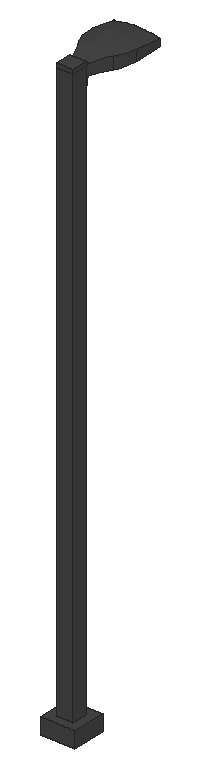
Revit family "ASL2", category Lighting Fixtures, Revit 2017
Family settings
  Round Connector Dimension = Use Diameter
  Part Type = Normal
  OmniClass Number = 23.80.70.14.21
  OmniClass Title = Street and Roadway Lighting
  Work Plane-Based = No
  Always vertical = Yes
  Cut with Voids When Loaded = No
  Light Source = Yes
  Shared = No
  Room Calculation Point = No
Parameters (values of type "ASL2")
  Width = 14.00"
  Wattage Comments = "40"
  Wattage = 40 W
  built-in parameter 1150110 = 1 (stored number, unit not read)
  Voltage = 0 V
  URL = "https://www.hubbell.com/hubbelllightingci/en"
  Type Comments = "Lighting Fixture"  # constant formula
  built-in parameter 1114217 = 1 (stored number, unit not read)
  Tilt Angle = 90.00°  # constant formula
  built-in parameter 1150109 = 1 (stored number, unit not read)
  built-in parameter 1150134 = (empty or 0)
  built-in parameter 1150113 = 1 (stored number, unit not read)
  Series = "Airo Micro Strike"  # constant formula
  Product Page URL = "https://www.hubbell.com/hubbelllightingci/en/Products/Lighting-Controls/Commercial-Outdoor-Lighting/Area-Site-Roadway/Airo-Micro-Strike/p/6608883"
  Product Documentation Link = "https://hubbellcdn.com/specsheet/Airo_ho_MicroStrike_spec_sheet.pdf"
  Power Factor = 1
  Pole Width = 4.00"
  Pole Height [instance] = 150.00"
  Pole = yes
  Photometric Web Link = "https://www.hubbell.com/hubbelllightingci/en/Products/Lighting-Controls/Commercial-Outdoor-Lighting/Area-Site-Roadway/Airo-Micro-Strike/p/6608883#prod-photometry-section"
  Photometric Web File = "ASL2-320L-145-3K7-2.ies"
  Photometric Notes = "More IES files download on Photometric Web Link"  # constant formula
  Offset From Pole = 6.12"
  Number of Poles = 1
  Model = "ASL2"
  Manufacturer = "Hubbell Lighting"  # constant formula
  Lumens = 3520 lm
  built-in parameter 1150115 = 1 (stored number, unit not read)
  built-in parameter 1150105 = 280.11 (stored number, unit not read)
  Light source [instance] = Pole Height - 3.50"  # 146.50"
  built-in parameter 1150137 = (empty or 0)
  built-in parameter 1150139 = (empty or 0)
  Lens = Glass-Hubbell-Temper Molded
  built-in parameter 1150112 = 1 (stored number, unit not read)
  built-in parameter 1150114 = 1 (stored number, unit not read)
  Lamp = "default"
  built-in parameter 1150132 = (empty or 0)
  built-in parameter 1150102 = (empty or 0)
  built-in parameter 1150138 = (empty or 0)
  built-in parameter 1150107 = 3000 (stored number, unit not read)
  built-in parameter 1150106 = 2.8011 (stored number, unit not read)
  Fixture Height = 7.50"
  Finish = Powder Coat-Hubbell-Black
  Features = "Compact sleek design with multiple LED configurations and\r\nsimple installation\r\n• The Airo includes a universal mounting block for easy pole\r\ninstallation or mast arm option for 2-3/8 ft OD roadway brackets\r\n• Capable of replacing up to 1000w HID luminaires\r\n• Micro Strike optical distributions of Type 2, 3, 4W or 5QW\r\n• Tool-less entry option for easy installation and maintenance\r\n• 1.5G rated for high vibration applications including bridges and\r\noverpasses"  # constant formula
  Emit from Rectangle Width = 10.00"
  Emit from Rectangle Length = 10.00"
  Emit Shape Visible in Rendering = no
  built-in parameter 1150104 = 8.1755 (stored number, unit not read)
  Dimming Lamp Color Temperature Shift = <None>
  Description = "Compact sleek design with multiple LED configurations and simple installation. The Airo includes a universal mounting block for easy pole installation or mast arm option for 2-3/8 ft OD roadway brackets."  # constant formula
  Depth = 18.44"
  Color Temperature = 0 K
  Color Filter = 16777215
  Certifications = "Listed to UL1598 and CSA C22.2#250.0-24 for\r\nwet locations and 40˚C ambient temperatures\r\n• 1.5G rated for ANSI C136.31 high vibration\r\napplications\r\n• IP65 optical assembly"  # constant formula
  Center Width = 3.00"
  built-in parameter 1114218 = 1 (stored number, unit not read)
  built-in parameter 1150133 = 10 (stored number, unit not read)
  Assembly Code = "D5020200"
  Apparent Load = 40 VA
Reference planes (in)
  plane 1 "Light Source Axis (F/B)": y = 0
  plane 2: z = 0
  plane 3 "Light Source Axis (L/R)": x = 1
  plane 4 "Light Source Elevation": z = 146.5
  plane 5 "Back": y = -15.34
Dimensions and locks (in)
  "Light source": plane 4 "Light Source Elevation" to plane 2
  aligned and locked: plane 4 "Light Source Elevation" to imposter light
  aligned and locked: nested 1 to plane 3 "Light Source Axis (L/R)"
  aligned and locked: nested 1 to plane 5 "Back"
  aligned and locked: imposter light to plane 3 "Light Source Axis (L/R)"
  aligned and locked: plane 4 "Light Source Elevation" to nested 2
Nested families (in)
  nested 1: "Lighting_Pole" at (1, -17.34, 0) x (-1, 0, 0) z (0, 0, 1), visible <- "Pole", type "Lighting_Pole"
    with Width 4.00", Height 150.00", Base Cover 8.625"
  nested 2: "ASL" at (0.80243, -15.34, 146.5) x (-1, 0, 0) z (0, 1, 0), type "ASL_2"
    with Lens none, Finish Powder Coat-Hubbell-Black
Connectors (in)
  electrical at (1, -15.34, 18), driven by "Power Factor", driven by "Apparent Load", driven by "Apparent Load", driven by "Voltage", driven by "Number of Poles"
    settings: on nested 1, index 1, voltage 0 V, apparent load 40 VA, apparent load phase1 40 VA, apparent load phase2 0 VA, apparent load phase3 0 VA, power factor 1, load classification "Lighting", number of poles 1, system type 30, power factor state 1, is connector primary yes, connector utility no, sub classification motor no, connector description "Lighting Connector"
Definition of nested family "Lighting_Pole"
  Parameters
    Width = 5.00"
    URL = "http://www.kimlighting.com/"
    Type Comments = "Non-Tapered Pole"
    Model = "Square Pole"  # constant formula
    Manufacturer = "KIM Lighting"  # constant formula
    Height = 240.00"
    Finish = none
    Base Cover = if(Width = 5.00", 12.625", 8.625")  # 12.625"
  Reference planes (in)
    plane 1 "Center (Front/Back)": y = 0
    plane 2: z = 0
    plane 3 "Center (Left/Right)": x = 0
    plane 4 "Front": y = -2.5
    plane 5 "Left": x = -2.5
    plane 6 "Right": x = 2.5
    plane 7 "Back": y = 2.5
    plane 8 "Top": z = 240
    plane 9: x = -6.3125
    plane 10: x = 6.3125
    plane 11: y = 6.3125
    plane 12: y = -6.3125
    plane 13: z = 18
  Forms (in)
    Extrusion 1, solid, material <- "Finish"
      sketch origin (0, 0, 0) x (1, 0, 0) y (0, 1, 0)
        loop
          line (-2.5, -2.5) -> (2.5, -2.5) -> (2.5, 2.5) -> (-2.5, 2.5) -> (-2.5, -2.5)
      from 0 to 240
    Extrusion 2, solid, material <- "Finish", detail levels medium+fine
      sketch origin (0, 0, 0) x (1, 0, 0) y (0, 1, 0)
        loop
          line (-6.3125, -6.3125) -> (6.3125, -6.3125) -> (6.3125, 6.3125) -> (-6.3125, 6.3125) -> (-6.3125, -6.3125)
        loop
          line (-2.5, -2.5) -> (2.5, -2.5) -> (2.5, 2.5) -> (-2.5, 2.5) -> (-2.5, -2.5)
      from 0 to 4
    Extrusion 3, solid, material <- "Finish", detail levels fine
      sketch origin (0, 0, 0) x (1, 0, 0) y (0, 0, 1)
        loop
          line (-1.5, 15) -> (1.5, 15) -> (1.5, 21) -> (-1.5, 21) -> (-1.5, 15)
      from 2.5 to 2.5625
    Extrusion 4, solid, material <- "Finish", detail levels fine
      sketch origin (0, 0, 240) x (-1, 0, 0) y (0, -1, 0)
        loop
          line (2.5625, 2.5625) -> (-2.5625, 2.5625) -> (-2.5625, -2.5625) -> (2.5625, -2.5625) -> (2.5625, 2.5625)
      from 0.10394 to -0.89606
  Lines and regions (in)
    Masking region 1
      outline origin (0, 0, 0) x (1, 0, 0) y (0, 0, 1)
        loop
          line (-2.5, 0) -> (2.5, 0) -> (2.5, 240) -> (-2.5, 240) -> (-2.5, 0)
    Masking region 2, detail levels medium+fine
      outline origin (0, 0, 0) x (1, 0, 0) y (0, 0, 1)
        loop
          line (-6.3125, 0) -> (6.3125, 0) -> (6.3125, 4) -> (-6.3125, 4) -> (-6.3125, 0)
    Masking region 3, detail levels fine
      outline origin (0, 0, 0) x (1, 0, 0) y (0, 0, 1)
        loop
          line (-2.5625, 239.10394) -> (2.5625, 239.10394) -> (2.5625, 240.10394) -> (-2.5625, 240.10394) -> (-2.5625, 239.10394)
    Masking region 4
      outline origin (0, 0, 0) x (0, 1, 0) y (0, 0, 1)
        loop
          line (2.5, 0) -> (2.5, 240) -> (-2.5, 240) -> (-2.5, 0) -> (2.5, 0)
    Masking region 5, detail levels medium+fine
      outline origin (0, 0, 0) x (0, 1, 0) y (0, 0, 1)
        loop
          line (6.3125, 0) -> (6.3125, 4) -> (-6.3125, 4) -> (-6.3125, 0) -> (6.3125, 0)
    Masking region 6, detail levels fine
      outline origin (0, 0, 0) x (0, 1, 0) y (0, 0, 1)
        loop
          line (2.5625, 239.10394) -> (2.5625, 240.10394) -> (-2.5625, 240.10394) -> (-2.5625, 239.10394) -> (2.5625, 239.10394)
    Masking region 7, detail levels medium+fine
      outline origin (0, 0, 0) x (1, 0, 0) y (0, 1, 0)
        loop
          line (-6.3125, -6.3125) -> (6.3125, -6.3125) -> (6.3125, 6.3125) -> (-6.3125, 6.3125) -> (-6.3125, -6.3125)
        loop
          line (-2.5, -2.5) -> (2.5, -2.5) -> (2.5, 2.5) -> (-2.5, 2.5) -> (-2.5, -2.5)
    Masking region 8
      outline origin (0, 0, 0) x (1, 0, 0) y (0, 1, 0)
        loop
          line (-2.5, -2.5) -> (2.5, -2.5) -> (2.5, 2.5) -> (-2.5, 2.5) -> (-2.5, -2.5)
    symbolic lines, detail levels fine
      curve 1: line (-1.5, 0, 15) -> (1.5, 0, 15)
      curve 2: line (-1.5, 0, 21) -> (-1.5, 0, 15)
      curve 3: line (1.5, 0, 21) -> (-1.5, 0, 21)
      curve 4: line (1.5, 0, 15) -> (1.5, 0, 21)
  Dimensions and locks (in)
    equal spacing: plane 7 "Back", plane 1 "Center (Front/Back)", plane 4 "Front"
    equal spacing: plane 5 "Left", plane 3 "Center (Left/Right)", plane 6 "Right"
    "Width": plane 7 "Back" to plane 4 "Front"
    "Width": plane 5 "Left" to plane 6 "Right"
    plane 3 "Center (Left/Right)" to Extrusion 1 = 2.50"
    "Height": plane 8 "Top" to level
    equal spacing: plane 11, plane 1 "Center (Front/Back)", plane 12
    "Base Cover": plane 11 to plane 12
    equal spacing: plane 9, plane 3 "Center (Left/Right)", plane 10
    "Base Cover": plane 9 to plane 10
    locked: Extrusion 2 to level at 4
    locked: plane 13 to level at 18
    Extrusion 3 sketch curve to plane 13 to Extrusion 3 sketch curve = 3.00" locked, 3.00" locked
    Extrusion 3 sketch curve to plane 3 "Center (Left/Right)" to Extrusion 3 sketch curve = 1.50" locked, 1.50" locked
    locked: plane 4 "Front" to Extrusion 3 at 0.0625
    Extrusion 4 to plane 8 "Top" to Extrusion 4 = 0.10394" locked, 0.89606" locked
    aligned and locked: plane 5 "Left" to Extrusion 1 sketch curve
    aligned and locked: Extrusion 1 sketch curve to plane 4 "Front"
    aligned and locked: plane 7 "Back" to Extrusion 1 sketch curve
    aligned and locked: Extrusion 1 sketch curve to plane 6 "Right"
    aligned and locked: plane 8 "Top" to Extrusion 1
    aligned and locked: plane 9 to Extrusion 2 sketch curve
    aligned and locked: Extrusion 2 sketch curve to plane 12
    aligned and locked: plane 11 to Extrusion 2 sketch curve
    aligned and locked: Extrusion 2 sketch curve to plane 10
    aligned and locked: Extrusion 1 to Extrusion 2 sketch curve
    aligned and locked: Extrusion 2 sketch curve to Extrusion 1  (x3)
    aligned and locked: plane 4 "Front" to Extrusion 3
    aligned: plane 8 "Top" to Extrusion 4
    aligned and locked: Masking region 1 sketch curve to Extrusion 1  (x2)
    aligned and locked: plane 8 "Top" to Masking region 1 sketch curve
    aligned and locked: Masking region 1 sketch curve to plane 6 "Right"
    aligned and locked: Masking region 2 sketch curve to Extrusion 2  (x2)
    aligned and locked: Extrusion 2 to Masking region 2 sketch curve
    aligned and locked: Masking region 2 sketch curve to plane 10
    aligned and locked: Extrusion 3 to curve 1
    aligned and locked: curve 1 to Extrusion 3
    aligned and locked: curve 4 to Extrusion 3  (x2)
    aligned and locked: Masking region 3 sketch curve to Extrusion 4  (x3)
    aligned and locked: Extrusion 4 to Masking region 3 sketch curve
    aligned and locked: Masking region 4 sketch curve to Extrusion 1  (x3)
    aligned and locked: Extrusion 1 to Masking region 4 sketch curve
    aligned and locked: Masking region 5 sketch curve to Extrusion 2  (x3)
    aligned and locked: Extrusion 2 to Masking region 5 sketch curve
    aligned and locked: Masking region 6 sketch curve to Extrusion 4  (x3)
    aligned and locked: Extrusion 4 to Masking region 6 sketch curve
    aligned and locked: Extrusion 2 to Masking region 7 sketch curve
    aligned and locked: Masking region 7 sketch curve to Extrusion 2  (x3)
    aligned and locked: Extrusion 1 to Masking region 8 sketch curve
    aligned and locked: Masking region 8 sketch curve to Extrusion 1  (x3)
    aligned and locked: Extrusion 1 to Masking region 7 sketch curve
    aligned and locked: Masking region 7 sketch curve to Extrusion 1  (x3)
  Automatic sketch dimensions
    Extrusion 4 sketch curve to plane 6 "Right" = 0.0625"
    plane 5 "Left" to Extrusion 4 sketch curve = 0.0625"
    plane 7 "Back" to Extrusion 4 sketch curve = 0.0625"
    Extrusion 4 sketch curve to plane 4 "Front" = 0.0625"
Definition of nested family "ASL"
  Parameters (values of type "RAR")
    URL = "http://www.spauldinglighting.com/"
    Product Page URL = ""
    Product Documentation Link = ""
    Manufacturer Phone = "(864)-678-1000"  # constant formula
    Manufacturer Fax = "(866)-898-1065"  # constant formula
    Manufacturer = "Spaulding Lighting"  # constant formula
    Lens Finish = none
    Lens [instance] = none
    Length = 30.25"
    Finish [instance] = none
    Default Elevation = 48.00"
    C = 11.70"
  Reference planes (in)
    plane 1 "Center (Front/Back)": y = 0
    plane 2: z = 0
    plane 3 "Center (Left/Right)": x = 0
    plane 4: z = 18.9
    plane 5: y = -3.375
    plane 6: x = -5.85
    plane 7: x = 5.85
    plane 8: y = 3
  Forms (in)
    Extrusion 1, solid, material <- "Finish"
      sketch origin (0, 0, 3) x (0, 1, 0) y (0, 0, 1)
        loop
          line (0, 1.33312) -> (0, -3.01831) -> (2.51625, -3.01831) -> (2.51625, 2.10735) -> (0, 1.33312)
      from -1.5889 to 1.5889
    Extrusion 2, void
      sketch origin (0, 0, 0) x (1, 0, 0) y (0, 0, 1)
        loop
          line (-4.85, 17.9) -> (-4.85, 6.96182) -> (4.85, 6.96182) -> (4.85, 17.9) -> (-4.85, 17.9)
      from 0 to -1
    Sweep 3, solid, material <- "Lens Finish"
      path origin (-2.60156, 0, 0.17235) x (1, 0, 0) y (0, 0, 1)
        loop
          line (-2.25, 17.9) -> (-2.25, 12.3375) -> (2.56625, 12.3375) -> (2.56625, 17.9) -> (-2.25, 17.9)
      profile origin (-2.44344, 0, 18.07235) x (0, 0, 1) y (0, -1, 0)
        loop
          line (0, -0.05) -> (0, 0.00618) -> (-0.09929, 0.00618) -> (-0.09929, -0.05) -> (0, -0.05)
    Extrusion 4, void
      sketch origin (0, 0, 0.25) x (1, 0, 0) y (0, 0, 1)
        loop
          line (-8.16122, 11.45) -> (-8.16122, -2.26831) -> (7.83878, -2.26831) -> (7.83878, 11.45) -> (5.85, 11.45) -> (5.85, 10.65096)
          arc (5.85, 10.65096) -> (5.473, 8.07341) -> (4.3736, 5.71179) r 9
          arc (4.3736, 5.71179) -> (2.82953, 2.83471) -> (1.81532, -0.26901) r 18.5
          line (1.81532, -0.26901) -> (-1.81532, -0.26901)
          arc (-1.81532, -0.26901) -> (-2.82953, 2.83471) -> (-4.3736, 5.71179) r 18.5
          arc (-4.3736, 5.71179) -> (-5.473, 8.07341) -> (-5.85, 10.65096) r 9
          line (-5.85, 10.65096) -> (-5.85, 11.45) -> (-8.16122, 11.45)
      from -3.74181 to 0
    Extrusion 5, solid, material <- "Finish"
      sketch origin (0, 0, 0) x (1, 0, 0) y (0, 0, 1)
        loop
          line (-5.85, 18.63062) -> (-5.85, 0.36482) -> (5.85, 0.36482) -> (5.85, 18.63062) -> (-5.85, 18.63062)
      from -3.25 to 0
    Sweep 6, void
      path origin (0, 0.5, 0) x (0, 1, 0) y (0, 0, 1)
        loop
          arc (2.5, 18.9) -> (3.60604, 9.45) -> (2.5, 0) r 40.92345
      profile origin (0, 4.10604, 9.45) x (1, 0, 0) y (0, 1, 0)
        loop
          line (-5.85, 0.3125) -> (-5.85, -1.25)
          arc (-5.85, -1.25) -> (0.025, -0.47997) -> (5.9, -1.25) r 22.79689
          line (5.9, -1.25) -> (5.9, 0.3125) -> (-5.85, 0.3125)
    Sweep 7, solid, material <- "Lens Finish"
      path origin (2.60156, 0, 0.17235) x (-1, 0, 0) y (0, 0, 1)
        loop
          line (-2.25, 17.9) -> (-2.25, 12.3375) -> (2.56625, 12.3375) -> (2.56625, 17.9) -> (-2.25, 17.9)
      profile origin (2.44344, 0, 18.07235) x (0, 0, -1) y (0, -1, 0)
        loop
          line (0, -0.05) -> (0.09929, -0.05) -> (0.09929, 0.00618) -> (0, 0.00618) -> (0, -0.05)
    Extrusion 8, solid, material <- "Lens"
      sketch origin (0, 0, 0.1875) x (1, 0, 0) y (0, 0, 1)
        loop
          line (-4.68977, 17.72306) -> (-4.68977, 12.49885) -> (-0.1971, 12.49885) -> (-0.1971, 17.72306) -> (-4.68977, 17.72306)
        loop
          circle (-0.70756, 17.4225) r 0.15
        loop
          circle (-1.20756, 17.4225) r 0.15
        loop
          circle (-1.70756, 17.4225) r 0.15
        loop
          circle (-2.20756, 17.4225) r 0.15
        loop
          circle (-2.70756, 17.4225) r 0.15
        loop
          circle (-3.20756, 17.4225) r 0.15
        loop
          circle (-3.70756, 17.4225) r 0.15
        loop
          circle (-4.20756, 17.4225) r 0.15
        loop
          circle (-0.70756, 16.9225) r 0.15
        loop
          circle (-1.20756, 16.9225) r 0.15
        loop
          circle (-1.70756, 16.9225) r 0.15
        loop
          circle (-2.20756, 16.9225) r 0.15
        loop
          circle (-2.70756, 16.9225) r 0.15
        loop
          circle (-3.20756, 16.9225) r 0.15
        loop
          circle (-3.70756, 16.9225) r 0.15
        loop
          circle (-4.20756, 16.9225) r 0.15
        loop
          circle (-0.70756, 16.4225) r 0.15
        loop
          circle (-1.20756, 16.4225) r 0.15
        loop
          circle (-1.70756, 16.4225) r 0.15
        loop
          circle (-2.20756, 16.4225) r 0.15
        loop
          circle (-2.70756, 16.4225) r 0.15
        loop
          circle (-3.20756, 16.4225) r 0.15
        loop
          circle (-3.70756, 16.4225) r 0.15
        loop
          circle (-4.20756, 16.4225) r 0.15
        loop
          circle (-0.70756, 15.9225) r 0.15
        loop
          circle (-1.20756, 15.9225) r 0.15
        loop
          circle (-1.70756, 15.9225) r 0.15
        loop
          circle (-2.20756, 15.9225) r 0.15
        loop
          circle (-2.70756, 15.9225) r 0.15
        loop
          circle (-3.20756, 15.9225) r 0.15
        loop
          circle (-3.70756, 15.9225) r 0.15
        loop
          circle (-4.20756, 15.9225) r 0.15
        loop
          circle (-0.70756, 15.4225) r 0.15
        loop
          circle (-1.20756, 15.4225) r 0.15
        loop
          circle (-1.70756, 15.4225) r 0.15
        loop
          circle (-2.20756, 15.4225) r 0.15
        loop
          circle (-2.70756, 15.4225) r 0.15
        loop
          circle (-3.20756, 15.4225) r 0.15
        loop
          circle (-3.70756, 15.4225) r 0.15
        loop
          circle (-4.20756, 15.4225) r 0.15
        loop
          circle (-0.70756, 14.9225) r 0.15
        loop
          circle (-1.20756, 14.9225) r 0.15
        loop
          circle (-1.70756, 14.9225) r 0.15
        loop
          circle (-2.20756, 14.9225) r 0.15
        loop
          circle (-2.70756, 14.9225) r 0.15
        loop
          circle (-3.20756, 14.9225) r 0.15
        loop
          circle (-3.70756, 14.9225) r 0.15
        loop
          circle (-4.20756, 14.9225) r 0.15
        loop
          circle (-0.70756, 14.4225) r 0.15
        loop
          circle (-1.20756, 14.4225) r 0.15
        loop
          circle (-1.70756, 14.4225) r 0.15
        loop
          circle (-2.20756, 14.4225) r 0.15
        loop
          circle (-2.70756, 14.4225) r 0.15
        loop
          circle (-3.20756, 14.4225) r 0.15
        loop
          circle (-3.70756, 14.4225) r 0.15
        loop
          circle (-4.20756, 14.4225) r 0.15
        loop
          circle (-0.70756, 13.9225) r 0.15
        loop
          circle (-1.20756, 13.9225) r 0.15
        loop
          circle (-1.70756, 13.9225) r 0.15
        loop
          circle (-2.20756, 13.9225) r 0.15
        loop
          circle (-2.70756, 13.9225) r 0.15
        loop
          circle (-3.20756, 13.9225) r 0.15
        loop
          circle (-3.70756, 13.9225) r 0.15
        loop
          circle (-4.20756, 13.9225) r 0.15
        loop
          circle (-0.70756, 13.4225) r 0.15
        loop
          circle (-1.20756, 13.4225) r 0.15
        loop
          circle (-1.70756, 13.4225) r 0.15
        loop
          circle (-2.20756, 13.4225) r 0.15
        loop
          circle (-2.70756, 13.4225) r 0.15
        loop
          circle (-3.20756, 13.4225) r 0.15
        loop
          circle (-3.70756, 13.4225) r 0.15
        loop
          circle (-4.20756, 13.4225) r 0.15
        loop
          circle (-0.70756, 12.9225) r 0.15
        loop
          circle (-1.20756, 12.9225) r 0.15
        loop
          circle (-1.70756, 12.9225) r 0.15
        loop
          circle (-2.20756, 12.9225) r 0.15
        loop
          circle (-2.70756, 12.9225) r 0.15
        loop
          circle (-3.20756, 12.9225) r 0.15
        loop
          circle (-3.70756, 12.9225) r 0.15
        loop
          circle (-4.20756, 12.9225) r 0.15
        loop
          line (4.68977, 17.72306) -> (0.1971, 17.72306) -> (0.1971, 12.49885) -> (4.68977, 12.49885) -> (4.68977, 17.72306)
        loop
          circle (0.70756, 17.4225) r 0.15
        loop
          circle (1.20756, 17.4225) r 0.15
        loop
          circle (1.70756, 17.4225) r 0.15
        loop
          circle (2.20756, 17.4225) r 0.15
        loop
          circle (2.70756, 17.4225) r 0.15
        loop
          circle (3.20756, 17.4225) r 0.15
        loop
          circle (3.70756, 17.4225) r 0.15
        loop
          circle (4.20756, 17.4225) r 0.15
        loop
          circle (0.70756, 16.9225) r 0.15
        loop
          circle (1.20756, 16.9225) r 0.15
        loop
          circle (1.70756, 16.9225) r 0.15
        loop
          circle (2.20756, 16.9225) r 0.15
        loop
          circle (2.70756, 16.9225) r 0.15
        loop
          circle (3.20756, 16.9225) r 0.15
        loop
          circle (3.70756, 16.9225) r 0.15
        loop
          circle (4.20756, 16.9225) r 0.15
        loop
          circle (0.70756, 16.4225) r 0.15
        loop
          circle (1.20756, 16.4225) r 0.15
        loop
          circle (1.70756, 16.4225) r 0.15
        loop
          circle (2.20756, 16.4225) r 0.15
        loop
          circle (2.70756, 16.4225) r 0.15
        loop
          circle (3.20756, 16.4225) r 0.15
        loop
          circle (3.70756, 16.4225) r 0.15
        loop
          circle (4.20756, 16.4225) r 0.15
        loop
          circle (0.70756, 15.9225) r 0.15
        loop
          circle (1.20756, 15.9225) r 0.15
        loop
          circle (1.70756, 15.9225) r 0.15
        loop
          circle (2.20756, 15.9225) r 0.15
        loop
          circle (2.70756, 15.9225) r 0.15
        loop
          circle (3.20756, 15.9225) r 0.15
        loop
          circle (3.70756, 15.9225) r 0.15
        loop
          circle (4.20756, 15.9225) r 0.15
        loop
          circle (0.70756, 15.4225) r 0.15
        loop
          circle (1.20756, 15.4225) r 0.15
        loop
          circle (1.70756, 15.4225) r 0.15
        loop
          circle (2.20756, 15.4225) r 0.15
        loop
          circle (2.70756, 15.4225) r 0.15
        loop
          circle (3.20756, 15.4225) r 0.15
        loop
          circle (3.70756, 15.4225) r 0.15
        loop
          circle (4.20756, 15.4225) r 0.15
        loop
          circle (0.70756, 14.9225) r 0.15
        loop
          circle (1.20756, 14.9225) r 0.15
        loop
          circle (1.70756, 14.9225) r 0.15
        loop
          circle (2.20756, 14.9225) r 0.15
        loop
          circle (2.70756, 14.9225) r 0.15
        loop
          circle (3.20756, 14.9225) r 0.15
        loop
          circle (3.70756, 14.9225) r 0.15
        loop
          circle (4.20756, 14.9225) r 0.15
        loop
          circle (0.70756, 14.4225) r 0.15
        loop
          circle (1.20756, 14.4225) r 0.15
        loop
          circle (1.70756, 14.4225) r 0.15
        loop
          circle (2.20756, 14.4225) r 0.15
        loop
          circle (2.70756, 14.4225) r 0.15
        loop
          circle (3.20756, 14.4225) r 0.15
        loop
          circle (3.70756, 14.4225) r 0.15
        loop
          circle (4.20756, 14.4225) r 0.15
        loop
          circle (0.70756, 13.9225) r 0.15
        loop
          circle (1.20756, 13.9225) r 0.15
        loop
          circle (1.70756, 13.9225) r 0.15
        loop
          circle (2.20756, 13.9225) r 0.15
        loop
          circle (2.70756, 13.9225) r 0.15
        loop
          circle (3.20756, 13.9225) r 0.15
        loop
          circle (3.70756, 13.9225) r 0.15
        loop
          circle (4.20756, 13.9225) r 0.15
        loop
          circle (0.70756, 13.4225) r 0.15
        loop
          circle (1.20756, 13.4225) r 0.15
        loop
          circle (1.70756, 13.4225) r 0.15
        loop
          circle (2.20756, 13.4225) r 0.15
        loop
          circle (2.70756, 13.4225) r 0.15
        loop
          circle (3.20756, 13.4225) r 0.15
        loop
          circle (3.70756, 13.4225) r 0.15
        loop
          circle (4.20756, 13.4225) r 0.15
        loop
          circle (0.70756, 12.9225) r 0.15
        loop
          circle (1.20756, 12.9225) r 0.15
        loop
          circle (1.70756, 12.9225) r 0.15
        loop
          circle (2.20756, 12.9225) r 0.15
        loop
          circle (2.70756, 12.9225) r 0.15
        loop
          circle (3.20756, 12.9225) r 0.15
        loop
          circle (3.70756, 12.9225) r 0.15
        loop
          circle (4.20756, 12.9225) r 0.15
      from -0.11994 to 0
    Extrusion 9, solid, material <- "Finish"
      sketch origin (0, 0, 0) x (0, 1, 0) y (0, 0, 1)
        loop
          line (2.50698, -0.01831) -> (2.50698, 0.36482) -> (0, 0.36482) -> (0, 1.50293)
          arc (0, 1.50293) -> (-1.70813, 0.97393) -> (-3.48375, 0.76243) r 9.85111
          line (-3.48375, 0.76243) -> (-3.48375, -0.01831) -> (2.50698, -0.01831)
      from -1.5889 to 1.5889
    Extrusion 10, solid, material <- "Lens"
      sketch origin (0, 0, 24.89153) x (1, 0, 0) y (0, 0, 1)
        loop
          line (-4.68977, -17.72306) -> (-0.1971, -17.72306) -> (-0.1971, -12.49885) -> (-4.68977, -12.49885) -> (-4.68977, -17.72306)
        loop
          circle (-0.70756, -17.4225) r 0.15
        loop
          circle (-1.20756, -17.4225) r 0.15
        loop
          circle (-1.70756, -17.4225) r 0.15
        loop
          circle (-2.20756, -17.4225) r 0.15
        loop
          circle (-2.70756, -17.4225) r 0.15
        loop
          circle (-3.20756, -17.4225) r 0.15
        loop
          circle (-3.70756, -17.4225) r 0.15
        loop
          circle (-4.20756, -17.4225) r 0.15
        loop
          circle (-0.70756, -16.9225) r 0.15
        loop
          circle (-1.20756, -16.9225) r 0.15
        loop
          circle (-1.70756, -16.9225) r 0.15
        loop
          circle (-2.20756, -16.9225) r 0.15
        loop
          circle (-2.70756, -16.9225) r 0.15
        loop
          circle (-3.20756, -16.9225) r 0.15
        loop
          circle (-3.70756, -16.9225) r 0.15
        loop
          circle (-4.20756, -16.9225) r 0.15
        loop
          circle (-0.70756, -16.4225) r 0.15
        loop
          circle (-1.20756, -16.4225) r 0.15
        loop
          circle (-1.70756, -16.4225) r 0.15
        loop
          circle (-2.20756, -16.4225) r 0.15
        loop
          circle (-2.70756, -16.4225) r 0.15
        loop
          circle (-3.20756, -16.4225) r 0.15
        loop
          circle (-3.70756, -16.4225) r 0.15
        loop
          circle (-4.20756, -16.4225) r 0.15
        loop
          circle (-0.70756, -15.9225) r 0.15
        loop
          circle (-1.20756, -15.9225) r 0.15
        loop
          circle (-1.70756, -15.9225) r 0.15
        loop
          circle (-2.20756, -15.9225) r 0.15
        loop
          circle (-2.70756, -15.9225) r 0.15
        loop
          circle (-3.20756, -15.9225) r 0.15
        loop
          circle (-3.70756, -15.9225) r 0.15
        loop
          circle (-4.20756, -15.9225) r 0.15
        loop
          circle (-0.70756, -15.4225) r 0.15
        loop
          circle (-1.20756, -15.4225) r 0.15
        loop
          circle (-1.70756, -15.4225) r 0.15
        loop
          circle (-2.20756, -15.4225) r 0.15
        loop
          circle (-2.70756, -15.4225) r 0.15
        loop
          circle (-3.20756, -15.4225) r 0.15
        loop
          circle (-3.70756, -15.4225) r 0.15
        loop
          circle (-4.20756, -15.4225) r 0.15
        loop
          circle (-0.70756, -14.9225) r 0.15
        loop
          circle (-1.20756, -14.9225) r 0.15
        loop
          circle (-1.70756, -14.9225) r 0.15
        loop
          circle (-2.20756, -14.9225) r 0.15
        loop
          circle (-2.70756, -14.9225) r 0.15
        loop
          circle (-3.20756, -14.9225) r 0.15
        loop
          circle (-3.70756, -14.9225) r 0.15
        loop
          circle (-4.20756, -14.9225) r 0.15
        loop
          circle (-0.70756, -14.4225) r 0.15
        loop
          circle (-1.20756, -14.4225) r 0.15
        loop
          circle (-1.70756, -14.4225) r 0.15
        loop
          circle (-2.20756, -14.4225) r 0.15
        loop
          circle (-2.70756, -14.4225) r 0.15
        loop
          circle (-3.20756, -14.4225) r 0.15
        loop
          circle (-3.70756, -14.4225) r 0.15
        loop
          circle (-4.20756, -14.4225) r 0.15
        loop
          circle (-0.70756, -13.9225) r 0.15
        loop
          circle (-1.20756, -13.9225) r 0.15
        loop
          circle (-1.70756, -13.9225) r 0.15
        loop
          circle (-2.20756, -13.9225) r 0.15
        loop
          circle (-2.70756, -13.9225) r 0.15
        loop
          circle (-3.20756, -13.9225) r 0.15
        loop
          circle (-3.70756, -13.9225) r 0.15
        loop
          circle (-4.20756, -13.9225) r 0.15
        loop
          circle (-0.70756, -13.4225) r 0.15
        loop
          circle (-1.20756, -13.4225) r 0.15
        loop
          circle (-1.70756, -13.4225) r 0.15
        loop
          circle (-2.20756, -13.4225) r 0.15
        loop
          circle (-2.70756, -13.4225) r 0.15
        loop
          circle (-3.20756, -13.4225) r 0.15
        loop
          circle (-3.70756, -13.4225) r 0.15
        loop
          circle (-4.20756, -13.4225) r 0.15
        loop
          circle (-0.70756, -12.9225) r 0.15
        loop
          circle (-1.20756, -12.9225) r 0.15
        loop
          circle (-1.70756, -12.9225) r 0.15
        loop
          circle (-2.20756, -12.9225) r 0.15
        loop
          circle (-2.70756, -12.9225) r 0.15
        loop
          circle (-3.20756, -12.9225) r 0.15
        loop
          circle (-3.70756, -12.9225) r 0.15
        loop
          circle (-4.20756, -12.9225) r 0.15
        loop
          line (4.68977, -17.72306) -> (4.68977, -12.49885) -> (0.1971, -12.49885) -> (0.1971, -17.72306) -> (4.68977, -17.72306)
        loop
          circle (0.70756, -17.4225) r 0.15
        loop
          circle (1.20756, -17.4225) r 0.15
        loop
          circle (1.70756, -17.4225) r 0.15
        loop
          circle (2.20756, -17.4225) r 0.15
        loop
          circle (2.70756, -17.4225) r 0.15
        loop
          circle (3.20756, -17.4225) r 0.15
        loop
          circle (3.70756, -17.4225) r 0.15
        loop
          circle (4.20756, -17.4225) r 0.15
        loop
          circle (0.70756, -16.9225) r 0.15
        loop
          circle (1.20756, -16.9225) r 0.15
        loop
          circle (1.70756, -16.9225) r 0.15
        loop
          circle (2.20756, -16.9225) r 0.15
        loop
          circle (2.70756, -16.9225) r 0.15
        loop
          circle (3.20756, -16.9225) r 0.15
        loop
          circle (3.70756, -16.9225) r 0.15
        loop
          circle (4.20756, -16.9225) r 0.15
        loop
          circle (0.70756, -16.4225) r 0.15
        loop
          circle (1.20756, -16.4225) r 0.15
        loop
          circle (1.70756, -16.4225) r 0.15
        loop
          circle (2.20756, -16.4225) r 0.15
        loop
          circle (2.70756, -16.4225) r 0.15
        loop
          circle (3.20756, -16.4225) r 0.15
        loop
          circle (3.70756, -16.4225) r 0.15
        loop
          circle (4.20756, -16.4225) r 0.15
        loop
          circle (0.70756, -15.9225) r 0.15
        loop
          circle (1.20756, -15.9225) r 0.15
        loop
          circle (1.70756, -15.9225) r 0.15
        loop
          circle (2.20756, -15.9225) r 0.15
        loop
          circle (2.70756, -15.9225) r 0.15
        loop
          circle (3.20756, -15.9225) r 0.15
        loop
          circle (3.70756, -15.9225) r 0.15
        loop
          circle (4.20756, -15.9225) r 0.15
        loop
          circle (0.70756, -15.4225) r 0.15
        loop
          circle (1.20756, -15.4225) r 0.15
        loop
          circle (1.70756, -15.4225) r 0.15
        loop
          circle (2.20756, -15.4225) r 0.15
        loop
          circle (2.70756, -15.4225) r 0.15
        loop
          circle (3.20756, -15.4225) r 0.15
        loop
          circle (3.70756, -15.4225) r 0.15
        loop
          circle (4.20756, -15.4225) r 0.15
        loop
          circle (0.70756, -14.9225) r 0.15
        loop
          circle (1.20756, -14.9225) r 0.15
        loop
          circle (1.70756, -14.9225) r 0.15
        loop
          circle (2.20756, -14.9225) r 0.15
        loop
          circle (2.70756, -14.9225) r 0.15
        loop
          circle (3.20756, -14.9225) r 0.15
        loop
          circle (3.70756, -14.9225) r 0.15
        loop
          circle (4.20756, -14.9225) r 0.15
        loop
          circle (0.70756, -14.4225) r 0.15
        loop
          circle (1.20756, -14.4225) r 0.15
        loop
          circle (1.70756, -14.4225) r 0.15
        loop
          circle (2.20756, -14.4225) r 0.15
        loop
          circle (2.70756, -14.4225) r 0.15
        loop
          circle (3.20756, -14.4225) r 0.15
        loop
          circle (3.70756, -14.4225) r 0.15
        loop
          circle (4.20756, -14.4225) r 0.15
        loop
          circle (0.70756, -13.9225) r 0.15
        loop
          circle (1.20756, -13.9225) r 0.15
        loop
          circle (1.70756, -13.9225) r 0.15
        loop
          circle (2.20756, -13.9225) r 0.15
        loop
          circle (2.70756, -13.9225) r 0.15
        loop
          circle (3.20756, -13.9225) r 0.15
        loop
          circle (3.70756, -13.9225) r 0.15
        loop
          circle (4.20756, -13.9225) r 0.15
        loop
          circle (0.70756, -13.4225) r 0.15
        loop
          circle (1.20756, -13.4225) r 0.15
        loop
          circle (1.70756, -13.4225) r 0.15
        loop
          circle (2.20756, -13.4225) r 0.15
        loop
          circle (2.70756, -13.4225) r 0.15
        loop
          circle (3.20756, -13.4225) r 0.15
        loop
          circle (3.70756, -13.4225) r 0.15
        loop
          circle (4.20756, -13.4225) r 0.15
        loop
          circle (0.70756, -12.9225) r 0.15
        loop
          circle (1.20756, -12.9225) r 0.15
        loop
          circle (1.70756, -12.9225) r 0.15
        loop
          circle (2.20756, -12.9225) r 0.15
        loop
          circle (2.70756, -12.9225) r 0.15
        loop
          circle (3.20756, -12.9225) r 0.15
        loop
          circle (3.70756, -12.9225) r 0.15
        loop
          circle (4.20756, -12.9225) r 0.15
      from -0.11994 to 0
    Sweep 11, solid, material <- "Lens Finish"
      path origin (-2.60156, 0, 24.84735) x (1, 0, 0) y (0, 0, -1)
        loop
          line (-2.25, 17.9) -> (-2.25, 12.3375) -> (2.56625, 12.3375) -> (2.56625, 17.9) -> (-2.25, 17.9)
      profile origin (-2.44344, 0, 6.94735) x (0, 0, 1) y (0, -1, 0)
        loop
          line (0, -0.05) -> (0.09929, -0.05) -> (0.09929, 0.00618) -> (0, 0.00618) -> (0, -0.05)
    Sweep 12, solid, material <- "Lens Finish"
      path origin (2.60156, 0, 24.84735) x (-1, 0, 0) y (0, 0, -1)
        loop
          line (-2.25, 17.9) -> (-2.25, 12.3375) -> (2.56625, 12.3375) -> (2.56625, 17.9) -> (-2.25, 17.9)
      profile origin (2.44344, 0, 6.94735) x (0, 0, -1) y (0, -1, 0)
        loop
          line (0, -0.05) -> (0, 0.00618) -> (-0.09929, 0.00618) -> (-0.09929, -0.05) -> (0, -0.05)
  Cuts and joins
    Extrusion 2, Extrusion 4, Sweep 6 cuts Extrusion 5
    Sweep 6 cuts Extrusion 1
  Dimensions and locks (in)
    plane 4 to plane 2 = 18.90"
    equal spacing: plane 7, plane 3 "Center (Left/Right)", plane 6
    "C": plane 7 to plane 6
    aligned and locked: plane 2 to level
  Automatic sketch dimensions
    Extrusion 1 sketch curve to plane 1 "Center (Front/Back)" = 0.00"
    Extrusion 1 sketch curve to level = 0.01831"
    plane 8 to Extrusion 1 sketch curve = 0.48375"
    level to Extrusion 1 sketch curve = 4.33312"
    Extrusion 1 sketch curve to Extrusion 1 sketch curve = 0.77423"
    plane 6 to Extrusion 2 sketch curve = 1.00"
    Extrusion 2 sketch curve to plane 7 = 1.00"
    level to Extrusion 2 sketch curve = 6.96182"
    Extrusion 2 sketch curve to plane 4 = 1.00"
    plane 6 to Sweep 3 sketch curve = 0.99844"
    Sweep 3 sketch curve to plane 3 "Center (Left/Right)" = 0.03531"
    Sweep 3 sketch curve to plane 4 = 6.39015"
    Sweep 3 sketch curve to plane 4 = 0.82765"
    profile plane to Sweep 3 sketch curve = 0.00"
    plane 1 "Center (Front/Back)" to Sweep 3 sketch curve = 0.00618"
    profile plane to Sweep 3 sketch curve = 0.09929"
    Sweep 3 sketch curve to plane 1 "Center (Front/Back)" = 0.05"
    Extrusion 4 sketch curve to plane 6 = 0.00"
    Extrusion 4 sketch curve to plane 7 = 0.00"
    Extrusion 4 sketch curve to plane 6 = 2.31122"
    Extrusion 4 sketch curve to level = 4.19096"  (x2)
    Extrusion 4 sketch curve to Extrusion 4 sketch curve = 11.67756"
    Extrusion 4 sketch curve to Extrusion 4 sketch curve = 2.70"  (x2)
    Extrusion 4 sketch curve to level = 0.01901"
    Extrusion 4 sketch curve to plane 3 "Center (Left/Right)" = 1.81532"
    plane 3 "Center (Left/Right)" to Extrusion 4 sketch curve = 1.81532"
    plane 7 to Extrusion 4 sketch curve = 1.98878"
    Extrusion 4 sketch curve to Extrusion 4 sketch curve = 12.00"
    Extrusion 4 sketch curve to level = 2.01831"
    Extrusion 4 sketch curve to plane 4 = 7.99904"
    Extrusion 4 sketch curve to Extrusion 4 sketch curve = 0.00"
    Extrusion 4 sketch curve to Extrusion 4 sketch curve = 0.79904"  (x2)
    Extrusion 5 sketch curve to plane 6 = 0.00"
    Extrusion 5 sketch curve to plane 7 = 0.00"
    level to Extrusion 5 sketch curve = 0.36482"
    Extrusion 5 sketch curve to plane 4 = 0.26938"
    Sweep 6 sketch curve to level = 0.00"
    Sweep 6 sketch curve to plane 8 = 0.00"  (x2)
    Sweep 6 sketch curve to plane 4 = 0.00"
    plane 5 to Sweep 6 sketch curve = 33.44241"
    Sweep 6 sketch curve to profile plane = 0.3125"
    Sweep 6 sketch curve to plane 3 "Center (Left/Right)" = 5.85"
    plane 3 "Center (Left/Right)" to Sweep 6 sketch curve = 0.025"
    plane 3 "Center (Left/Right)" to Sweep 6 sketch curve = 5.90"
    profile plane to Sweep 6 sketch curve = 1.25"
    Sweep 6 sketch curve to Sweep 6 sketch curve = 22.02686"
    plane 7 to Sweep 7 sketch curve = 0.99844"
    Sweep 7 sketch curve to plane 3 "Center (Left/Right)" = 0.03531"
    plane 4 to Sweep 7 sketch curve = 6.39015"
    plane 4 to Sweep 7 sketch curve = 0.82765"
    Sweep 7 sketch curve to profile plane = 0.00"
    plane 1 "Center (Front/Back)" to Sweep 7 sketch curve = 0.00618"
    Sweep 7 sketch curve to Sweep 7 sketch curve = 0.09929"
    Sweep 7 sketch curve to plane 1 "Center (Front/Back)" = 0.05"
    plane 6 to Extrusion 8 sketch curve = 1.16023"
    Extrusion 8 sketch curve to Extrusion 8 sketch curve = 0.48222"  (x4)
    Extrusion 8 sketch curve to Extrusion 8 sketch curve = 0.00"  (x139)
    Extrusion 8 sketch curve to Extrusion 8 sketch curve = 0.50"  (x173)
    Extrusion 8 sketch curve to plane 3 "Center (Left/Right)" = 0.1971"
    plane 3 "Center (Left/Right)" to Extrusion 8 sketch curve = 0.1971"
    plane 3 "Center (Left/Right)" to Extrusion 8 sketch curve = 0.70756"  (x2)
    Extrusion 8 sketch curve to Extrusion 8 sketch curve = 0.51045"  (x2)
    Extrusion 8 sketch curve to plane 4 = 6.21365"
    Extrusion 8 sketch curve to Extrusion 8 sketch curve = 0.42365"  (x3)
    Extrusion 8 sketch curve to Extrusion 8 sketch curve = 0.30056"
    Extrusion 9 sketch curve to plane 1 "Center (Front/Back)" = 0.00"
    plane 5 to Extrusion 9 sketch curve = 0.10875"
    plane 5 to Extrusion 9 sketch curve = 0.38129"
    plane 8 to Extrusion 9 sketch curve = 0.49302"
    Extrusion 9 sketch curve to level = 0.01831"
    level to Extrusion 9 sketch curve = 0.36482"
    level to Extrusion 9 sketch curve = 0.76243"
    Extrusion 9 sketch curve to Extrusion 9 sketch curve = 1.13811"
    Extrusion 10 sketch curve to plane 6 = 1.16023"
    Extrusion 10 sketch curve to Extrusion 10 sketch curve = 0.48222"  (x4)
    Extrusion 10 sketch curve to Extrusion 10 sketch curve = 0.00"  (x138)
    Extrusion 10 sketch curve to Extrusion 10 sketch curve = 0.50"  (x174)
    plane 3 "Center (Left/Right)" to Extrusion 10 sketch curve = 0.1971"
    Extrusion 10 sketch curve to plane 3 "Center (Left/Right)" = 0.1971"
    Extrusion 10 sketch curve to plane 3 "Center (Left/Right)" = 0.70756"  (x2)
    Extrusion 10 sketch curve to Extrusion 10 sketch curve = 0.51045"  (x2)
    plane 4 to Extrusion 10 sketch curve = 6.50732"
    Extrusion 10 sketch curve to Extrusion 10 sketch curve = 0.42365"  (x3)
    Extrusion 10 sketch curve to Extrusion 10 sketch curve = 0.30056"
    Sweep 11 sketch curve to plane 6 = 0.99844"
    plane 3 "Center (Left/Right)" to Sweep 11 sketch curve = 0.03531"
    plane 4 to Sweep 11 sketch curve = 6.39015"
    Sweep 11 sketch curve to Sweep 11 sketch curve = 5.5625"
    profile plane to Sweep 11 sketch curve = 0.00"
    plane 1 "Center (Front/Back)" to Sweep 11 sketch curve = 0.00618"
    Sweep 11 sketch curve to Sweep 11 sketch curve = 0.09929"
    Sweep 11 sketch curve to plane 1 "Center (Front/Back)" = 0.05"
    Sweep 12 sketch curve to plane 7 = 0.99844"
    plane 3 "Center (Left/Right)" to Sweep 12 sketch curve = 0.03531"
    Sweep 12 sketch curve to plane 4 = 6.39015"
    Sweep 12 sketch curve to Sweep 12 sketch curve = 5.5625"
    Sweep 12 sketch curve to profile plane = 0.00"
    plane 1 "Center (Front/Back)" to Sweep 12 sketch curve = 0.00618"
    profile plane to Sweep 12 sketch curve = 0.09929"
    Sweep 12 sketch curve to plane 1 "Center (Front/Back)" = 0.05"
    radius of Extrusion 8 sketch curve = 0.15"  (x160)
    radius of Extrusion 10 sketch curve = 0.15"  (x160)
